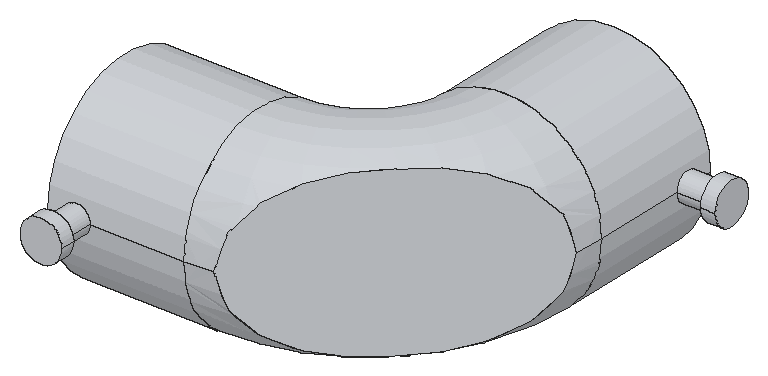
Revit family "M_Cotovelo do conduíte - Parafuso - Zinco fundido", category Conexões do conduite, Revit 2019
Family settings
  Cota do conector redondo = Usar raio
  Tipo de parte = Cotovelo da caixa de conexões
  Número OmniClass = 23.80.30.17.11
  Título OmniClass = Conduits
  ID de item do Seek = Conduit Elbow - Set Screw - Die Cast Zinc-0000-CAN-ENU
  Com base no plano de trabalho = Não
  Sempre na vertical = Sim
  Corte com vazios quando carregada = Não
  Compartilhado = Não
Parameters (values of type "Padrão")
  Raio 2 [instance] = 0.75 * Comprimento 1  # 2.551 mm
  Raio 1 [instance] = 0.5 * Comprimento 1  # 1.701 mm
  Raio nominal [instance] = 8 mm
  Diâmetro nominal [instance] = Raio nominal * 2  # 16 mm
  Comprimento 9 [instance] = (Centro ao final - Comprimento 1) * sin(Ângulo)  # 29.881 mm
  Comprimento 8 [instance] = Centro ao final + (Centro ao final - Comprimento 1) * cos(Ângulo)  # 33.283 mm
  Comprimento 6 [instance] = Comprimento 5 * sin(Ângulo)  # 16.641 mm
  Comprimento 5 [instance] = Centro ao final - Comprimento 4  # 16.641 mm
  Comprimento 4 [instance] = 0.5 * Centro ao final  # 16.641 mm
  Comprimento 3 [instance] = 1.3 * Raio externo final  # 15.478 mm
  Comprimento 2 [instance] = 0.15 * Raio externo final  # 1.786 mm
  Comprimento 7 [instance] = Centro ao final + Comprimento 5 * cos(Ângulo)  # 33.283 mm
  Comprimento 16 [instance] = if(Ângulo < 30.00°, Comprimento 4 - 0.1 * Centro ao final, Comprimento 4 + 0.1 * Centro ao final)  # 19.97 mm
  Comprimento 15 [instance] = if(Ângulo < 30.00°, Comprimento 12 * sin(Ângulo 1), Comprimento 13 * sin(Ângulo 1))  # 25.219 mm
  Comprimento 14 [instance] = if(Ângulo < 30.00°, Comprimento 12 * cos(Ângulo 1), Comprimento 13 * cos(Ângulo 1))  # 25.219 mm
  Comprimento 13 [instance] = (Raio do centro + Raio externo final - 0.1 * Centro ao final / tan(Ângulo 1)) * 2 * sin(Ângulo 1)  # 35.666 mm
  Comprimento 12 [instance] = (Raio do centro + Raio externo final + 0.1 * Centro ao final / tan(Ângulo 1)) * 2 * sin(Ângulo 1)  # 45.079 mm
  Comprimento 11 [instance] = Comprimento 3 * cos(Ângulo)  # 0 mm
  Comprimento 10 [instance] = Comprimento 3 * sin(Ângulo)  # 15.478 mm
  Comprimento 1 [instance] = Diâmetro externo final / 7  # 3.402 mm
  Raio externo final [instance] = Diâmetro externo final / 2  # 11.906 mm
  Diâmetro externo final [instance] = size_lookup(Pesquisa de tamanho de conduite, "EOD", 1.22 * Diâmetro nominal + 6.35 mm, Diâmetro nominal)  # 23.813 mm
  Pesquisa de tamanho de conduite = "M_Conduit Elbow - Set Screw - Die Cast Zinc"
  Centro ao final [instance] = size_lookup(Pesquisa de tamanho de conduite, "CtE", 1.28 * Diâmetro nominal + 16.768 mm, Diâmetro nominal)  # 33.283 mm
  Raio do centro [instance] = (Centro ao final - Comprimento 4) / tan(Ângulo / 2)  # 16.641 mm
  Ângulo 1 [instance] = Ângulo * 0.5  # 45.00°
  Ângulo [instance] = 90.00°
Reference planes
  plane 1 "Centro (Frente/Trás)": y = 0
  plane 2: z = 0
  plane 3 "Centro (Esquerda/Direita)": x = 0
  plane 4: x = -16.641
  plane 5: y = 16.641
  plane 6: x = -33.283
  plane 7: x = 0
  plane 8: x = -29.881
  plane 9: y = -15.478
  plane 10: y = -17.264
  plane 11: x = 0
  plane 12: y = 29.881
  plane 13: y = 16.641
  plane 14: x = 15.478
  plane 15: y = 29.881
  plane 16: y = -11.906
  plane 17: x = -13.313
  plane 18: z = 11.906
  plane 19: z = -11.906
  plane 20: x = 11.906
  plane 21: y = 13.313
Forms (mm)
  Extrusion 1, solid, detail levels fine
    sketch origin (0, 0, 0) x (1, 0, 0) y (0, 0, 1)
      loop
        circle (-29.881, 0) r 1.701
    from 0 to 15.478
  Extrusion 2, solid, detail levels fine
    sketch origin (0, 0, 0) x (1, 0, 0) y (0, 0, 1)
      loop
        circle (-29.881, 0) r 2.551
    from 15.478 to 17.264
  Sweep 3, solid, detail levels fine
    path in 3D
      loop
        line (0, 29.881, 0) -> (15.478, 29.881, 0)
    profile origin (7.739, 29.881, 0) x (0, 1, 0) y (0, 0, 1)
      loop
        circle (0, 0) r 1.701
  Sweep 4, solid, detail levels fine
    path in 3D
      loop
        line (15.478, 29.881, 0) -> (17.264, 29.881, 0)
    profile origin (16.371, 29.881, 0) x (0, 1, 0) y (0, 0, 1)
      loop
        circle (0, 0) r 2.551
  Sweep 5, solid, detail levels fine
    path in 3D
      loop
        line (-33.283, 0, 0) -> (-16.641, 0, 0)
        arc (-16.641, 0, 0) -> (-4.874, 4.874, 0) -> (0, 16.641, 0) r 16.641
        line (0, 16.641, 0) -> (0, 33.283, 0)
    profile origin (-24.962, 0, 0) x (0, 1, 0) y (0, 0, 1)
      loop
        circle (0, 0) r 11.906
  Extrusion 6, void
    sketch origin (0, 0, 0) x (1, 0, 0) y (0, 1, 0)
      loop
        line (-13.313, -11.906) -> (11.906, -11.906) -> (11.906, 13.313) -> (-13.313, -11.906)
    from -11.906 to 11.906
Cuts and joins
  Extrusion 6 cuts Sweep 5
  joined: Extrusion 1, Extrusion 2, Sweep 3, Sweep 4, Sweep 5
Lines and regions (mm)
  model lines, detail levels coarse+medium
    curve 1: line (-33.283, 0, 0) -> (-16.641, 0, 0)
    curve 3: arc (-16.641, 0, 0) -> (-4.874, 4.874, 0) -> (0, 16.641, 0) r 16.641
    curve 4: line (0, 16.641, 0) -> (0, 33.283, 0)
  reference lines
    curve 2: line (0, 29.881, 0) -> (15.478, 29.881, 0)
    curve 5: line (15.478, 29.881, 0) -> (17.264, 29.881, 0)
  sketch lines
    curve 6: line (0, 29.881, 0) -> (15.478, 29.881, 0)
    curve 7: line (15.478, 29.881, 0) -> (17.264, 29.881, 0)
    curve 8: line (-33.283, 0, 0) -> (-16.641, 0, 0)
    curve 9: arc (-16.641, 0, 0) -> (-4.874, 4.874, 0) -> (0, 16.641, 0) r 16.641
    curve 10: line (0, 16.641, 0) -> (0, 33.283, 0)
Dimensions and locks
  "Comprimento 5": plane 4 to plane 3 "Centro (Esquerda/Direita)"
  "Raio do centro": plane 5 to plane 1 "Centro (Frente/Trás)"
  "Comprimento 4": plane 6 to plane 4
  "Comprimento 7": plane 6 to plane 7
  "Comprimento 1": plane 6 to plane 8
  "Comprimento 3": plane 1 "Centro (Frente/Trás)" to plane 9
  "Comprimento 2": plane 9 to plane 10
  "Comprimento 8": plane 6 to plane 11
  "Comprimento 6": plane 13 to plane 1 "Centro (Frente/Trás)"
  "Comprimento 4": curve 4 to curve 4
  "Comprimento 10": plane 11 to plane 14
  "Comprimento 3": curve 2 to curve 2
  "Comprimento 11": plane 12 to plane 15
  "Comprimento 9": plane 12 to plane 1 "Centro (Frente/Trás)"
  "Comprimento 2": curve 5 to curve 5
  "Raio externo final": plane 1 "Centro (Frente/Trás)" to plane 16
  "Raio externo final": plane 18 to plane 2
  "Raio externo final": plane 19 to plane 2
  "Comprimento 14": plane 17 to plane 20
  "Comprimento 15": plane 21 to plane 16
  "Comprimento 16": plane 6 to plane 17
  "Raio 1": radius of Extrusion 1 sketch curve
  "Raio 2": radius of Extrusion 2 sketch curve
  "Raio 1": radius of Sweep 3 sketch curve
  "Raio 2": radius of Sweep 4 sketch curve
  "Raio externo final": radius of Sweep 5 sketch curve
  "Ângulo": angle plane 11 to curve 2
  "Ângulo": angle curve 3 to curve 3
  "Ângulo": angle plane 13 to curve 4
  "Ângulo": angle plane 14 to curve 5
  aligned and locked: plane 6 to curve 1
  aligned and locked: plane 1 "Centro (Frente/Trás)" to curve 1
  aligned and locked: plane 8 to Extrusion 1 sketch curve
  aligned and locked: plane 2 to Extrusion 1 sketch curve
  aligned and locked: plane 8 to Extrusion 2 sketch curve
  aligned and locked: plane 2 to Extrusion 2 sketch curve
  aligned and locked: Extrusion 1 to plane 1 "Centro (Frente/Trás)"
  aligned and locked: Extrusion 1 to plane 9
  aligned and locked: plane 9 to Extrusion 2
  aligned and locked: Extrusion 2 to plane 10
  aligned and locked: plane 12 to curve 2
  aligned and locked: plane 5 to curve 3
  aligned and locked: plane 4 to curve 3
  aligned and locked: plane 7 to curve 4
  aligned and locked: plane 13 to curve 4
  aligned and locked: plane 14 to curve 5
  aligned and locked: plane 20 to Extrusion 6 sketch curve  (x2)
  aligned and locked: Extrusion 6 sketch curve to plane 16
  aligned and locked: plane 21 to Extrusion 6 sketch curve
  aligned and locked: plane 16 to Extrusion 6 sketch curve
  aligned and locked: plane 17 to Extrusion 6 sketch curve
  aligned and locked: plane 19 to Extrusion 6
  aligned and locked: plane 18 to Extrusion 6
Automatic sketch dimensions
  Sweep 3 sketch curve to profile plane = 0 mm  (x2)
  Sweep 4 sketch curve to profile plane = 0 mm  (x2)
  Sweep 5 sketch curve to profile plane = 0 mm  (x2)
Connectors
  cabletrayconduit at (-33.283, 0, 0), diameter 16, driven by "Raio nominal", driven by "Ângulo"
    settings: on cut or joined group of Extrusion 1, Extrusion 2, Sweep 3, Sweep 4, Sweep 5, Extrusion 6, index 1, connector width 304.8 mm, connector height 304.8 mm, connector angle 90.00°, system type 32, placement type 0, profile type 0, connector reference index 2, is primary connector yes, connector utility param no, connector description ""
  cabletrayconduit at (0, 33.283, 0), diameter 16, driven by "Raio nominal", driven by "Ângulo"
    settings: on cut or joined group of Extrusion 1, Extrusion 2, Sweep 3, Sweep 4, Sweep 5, Extrusion 6, index 2, connector width 304.8 mm, connector height 304.8 mm, connector angle 90.00°, system type 32, placement type 0, profile type 0, connector reference index 1, is primary connector no, connector utility param no, connector description ""
